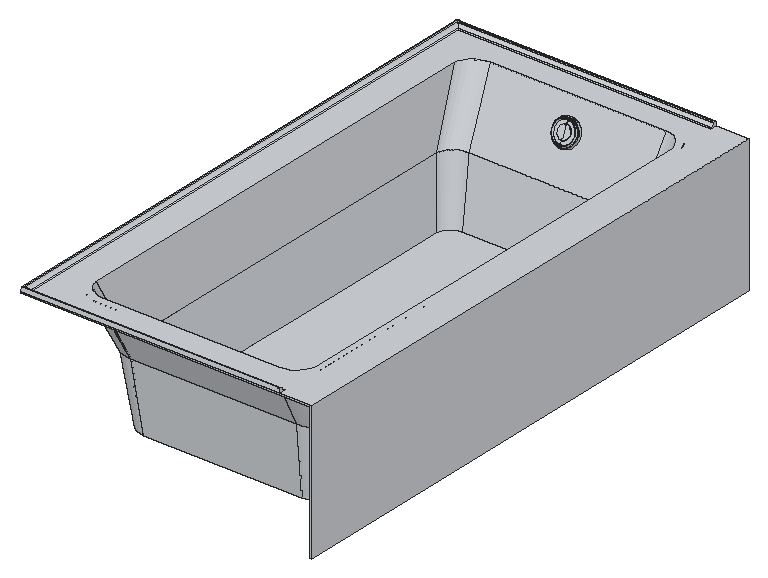
Revit family
Parameters
  Weight (lbs) = "298"  # constant formula
  Waste Connection Radius = Waste Connection Diameter / 2  # 0' - 0 3/4"
  Waste Connection Diameter = 0' - 1 1/2"
  Waste Connection = yes
  Voltage = 0 V
  Vent Connection = no
  URL = "http://www.us.kohler.com/onlinecatalog/detail.jsp?prod_num=876"
  Overall Width = 2' - 8"  # constant formula
  Overall Length = 5' - 0"  # constant formula
  Overall Height = 1' - 3 1/2"  # constant formula
  Model = "K-876"  # constant formula
  Material = Kohler Cast Iron
  Manufacturer = "Kohler"  # constant formula
  Hot Water Connection Radius = Hot Water Connection Diameter / 2  # 0' - 0"
  Hot Water Connection Diameter = 0' - 0"
  HW Connection = no
  Description = "Bellwether(TM) bath with integral apron and right-hand drain"  # constant formula
  Default Elevation = 0' - 0"
  Cold Water Connection Radius = Cold Water Connection Diameter / 2  # 0' - 0"
  Cold Water Connection Diameter = 0' - 0"
  Capacity (gal) = "44"  # constant formula
  CW Connection = no
  ADA Compliant = no
Reference planes (in)
  plane 1 "Center (Front/Back)": y = 0
  plane 2: z = 0
  plane 3 "Center (Left/Right)": x = 0
Forms (in)
  Extrusion 1, solid, not visible
    sketch origin (0.0003, -10.36934, 0) x (0.000402, 1, 0) y (-1, 0.000402, 0)
      loop
        circle (-1.5, 0) r 0.75
    from 0 to 0.0625
Nested families (in)
  nested 1: "LF-876" at (0.00726, 0, 0) x (-0.0001, 1, 0) z (0, 0, 1), type "LF-876"
Connectors (in)
  piping at (-0.0003, -11.86934, 0), driven by "Waste Connection Radius"
    settings: on Extrusion 1, index 2
Definition of nested family "LF-876"
  Reference planes (in)
    plane 1 "Center (Front/Back)": y = 0
    plane 2: z = 0
    plane 3 "Center (Left/Right)": x = 0
  Forms (in)
    Extrusion 1, solid
      sketch origin (0, 0, 0) x (1, 0, 0) y (0, 1, 0)
        loop
          line (-59.83918, 15.98128) -> (-59.83918, -15.97106) -> (-0.00856, -15.97106) -> (-0.00856, 15.98128) -> (-59.83918, 15.98128)
      from 0 to 14.99532
    Blend 2, void
      base sketch origin (0, 0, 0) x (1, 0, 0) y (0, 1, 0)
        loop
          line (-10.14435, 10.2095) -> (-49.89435, 10.2095)
          arc (-49.89435, 10.2095) -> (-51.08522, 9.78779) -> (-51.58897, 8.62924) r 1.58412
          line (-51.58897, 8.62924) -> (-51.58898, -8.62924)
          arc (-51.58898, -8.62924) -> (-51.08526, -9.78776) -> (-49.89446, -10.20951) r 1.58412
          line (-49.89446, -10.20951) -> (-10.14435, -10.20951)
          arc (-10.14435, -10.20951) -> (-8.99184, -9.73212) -> (-8.51446, -8.57962) r 1.62989
          line (-8.51446, -8.57962) -> (-8.51446, 8.57961)
          arc (-8.51446, 8.57961) -> (-8.99184, 9.73212) -> (-10.14435, 10.2095) r 1.62989
      top sketch origin (0, 0, 0) x (1, 0, 0) y (0, 1, 0)
        loop
          arc (-50.90648, 11.18954) -> (-52.23704, 10.51159) -> (-52.77221, 9.11744) r 2.08352
          line (-52.77221, 9.11744) -> (-52.77221, -9.11744)
          arc (-52.77221, -9.11744) -> (-52.23705, -10.51158) -> (-50.90648, -11.18954) r 2.08352
          line (-50.90648, -11.18954) -> (-8.90648, -11.18954)
          arc (-8.90648, -11.18954) -> (-7.59123, -10.47543) -> (-7.06711, -9.0736) r 2.13673
          line (-7.06711, -9.0736) -> (-7.06711, 9.07631)
          arc (-7.06711, 9.07631) -> (-7.59212, 10.47645) -> (-8.90648, 11.18954) r 2.13673
          line (-8.90648, 11.18954) -> (-50.90648, 11.18954)
      from 0.93907 to 7.90897
    Blend 3, void
      base sketch origin (0, 0, 0) x (1, 0, 0) y (0, 1, 0)
        loop
          line (-52.77221, 9.11744) -> (-52.77221, -9.11744)
          arc (-52.77221, -9.11744) -> (-52.23705, -10.51158) -> (-50.90648, -11.18954) r 2.08352
          line (-50.90648, -11.18954) -> (-8.90648, -11.18954)
          arc (-8.90648, -11.18954) -> (-7.59123, -10.47543) -> (-7.06711, -9.0736) r 2.13673
          line (-7.06711, -9.0736) -> (-7.06711, 9.07631)
          arc (-7.06711, 9.07631) -> (-7.59212, 10.47645) -> (-8.90648, 11.18954) r 2.13673
          line (-8.90648, 11.18954) -> (-50.90648, 11.18954)
          arc (-50.90648, 11.18954) -> (-52.23704, 10.51159) -> (-52.77221, 9.11744) r 2.08352
      top sketch origin (0, 0, 0) x (1, 0, 0) y (0, 1, 0)
        loop
          line (-56.60834, 9.66656) -> (-56.60834, -9.66602)
          arc (-56.60834, -9.66602) -> (-56.06486, -11.20076) -> (-54.67665, -12.05146) r 2.43873
          line (-54.67665, -12.05146) -> (-5.17665, -12.05146)
          arc (-5.17665, -12.05146) -> (-3.7386, -11.22473) -> (-3.12005, -9.68561) r 2.53393
          line (-3.12005, -9.68561) -> (-3.12005, 9.68564)
          arc (-3.12005, 9.68564) -> (-3.73861, 11.22473) -> (-5.17665, 12.05145) r 2.53393
          line (-5.17665, 12.05145) -> (-54.67665, 12.05146)
          arc (-54.67665, 12.05146) -> (-56.06486, 11.20077) -> (-56.60834, 9.66656) r 2.43873
      from 7.90897 to 15.49361
    Blend 4, void
      base sketch origin (0, 0, 0) x (1, 0, 0) y (0, 1, 0)
        loop
          arc (-52.08898, 8.62924) -> (-51.43303, 10.14709) -> (-49.87809, 10.7095) r 2.08412
          line (-49.87809, 10.7095) -> (-10.14435, 10.7095)
          arc (-10.14435, 10.7095) -> (-8.63829, 10.08567) -> (-8.01446, 8.57961) r 2.12989
          line (-8.01446, 8.57961) -> (-8.01446, 0) -> (0.48554, 0) -> (0.48554, 16.7095) -> (-60.08898, 16.7095) -> (-60.08898, 0) -> (-52.08898, 0) -> (-52.08898, 8.62924)
      top sketch origin (0, 0, 0) x (1, 0, 0) y (0, 1, 0)
        loop
          line (-60.08898, 0) -> (-53.27221, 0) -> (-53.27221, 9.11744)
          arc (-53.27221, 9.11744) -> (-52.59935, 10.85638) -> (-50.93127, 11.68954) r 2.58352
          line (-50.93127, 11.68954) -> (-8.87336, 11.68954)
          arc (-8.87336, 11.68954) -> (-7.22699, 10.81843) -> (-6.56711, 9.07661) r 2.63673
          line (-6.56711, 9.07661) -> (-6.56711, 0) -> (0.48554, 0) -> (0.48554, 16.7095) -> (-60.08898, 16.7095) -> (-60.08898, 0)
      from 0 to 7.90897
    Blend 5, void
      base sketch origin (0, 0, 0) x (1, 0, 0) y (0, 1, 0)
        loop
          line (-52.08898, -8.62924) -> (-52.08898, 0) -> (-60.08898, 0) -> (-60.08898, -15.75) -> (0.48554, -15.75) -> (0.48554, 0) -> (-8.01446, 0) -> (-8.01446, -8.57961)
          arc (-8.01446, -8.57961) -> (-8.63829, -10.08567) -> (-10.14435, -10.7095) r 2.12989
          line (-10.14435, -10.7095) -> (-49.87809, -10.7095)
          arc (-49.87809, -10.7095) -> (-51.43303, -10.14709) -> (-52.08898, -8.62924) r 2.08412
      top sketch origin (0, 0, 0) x (1, 0, 0) y (0, 1, 0)
        loop
          line (-60.08898, 0) -> (-60.08898, -15.75) -> (0.48554, -15.75) -> (0.48554, 0) -> (-6.56711, 0) -> (-6.56711, -9.07661)
          arc (-6.56711, -9.07661) -> (-7.22699, -10.81843) -> (-8.87336, -11.68954) r 2.63673
          line (-8.87336, -11.68954) -> (-50.93127, -11.68954)
          arc (-50.93127, -11.68954) -> (-52.59935, -10.85638) -> (-53.27221, -9.11744) r 2.58352
          line (-53.27221, -9.11744) -> (-53.27221, 0) -> (-60.08898, 0)
      from 0 to 7.90897
    Blend 6, void
      base sketch origin (0, 0, 0) x (1, 0, 0) y (0, 1, 0)
        loop
          arc (-53.27221, 9.11744) -> (-52.59935, 10.85638) -> (-50.93127, 11.68954) r 2.58352
          line (-50.93127, 11.68954) -> (-8.87336, 11.68954)
          arc (-8.87336, 11.68954) -> (-7.22699, 10.81843) -> (-6.56711, 9.07661) r 2.63673
          line (-6.56711, 9.07661) -> (-6.56711, 0) -> (1.97779, 0) -> (1.97779, 17) -> (-61.02221, 17) -> (-61.02221, 0) -> (-53.27221, 0) -> (-53.27221, 9.11744)
      top sketch origin (0, 0, 0) x (1, 0, 0) y (0, 1, 0)
        loop
          line (-61.02221, 0) -> (-57.10834, 0) -> (-57.10834, 9.66602)
          arc (-57.10834, 9.66602) -> (-56.43603, 11.53671) -> (-54.72673, 12.55146) r 2.93873
          line (-54.72673, 12.55146) -> (-5.13157, 12.55145)
          arc (-5.13157, 12.55145) -> (-3.3733, 11.56654) -> (-2.62005, 9.69726) r 3.03393
          line (-2.62005, 9.69726) -> (-2.62005, 0) -> (1.97779, 0) -> (1.97779, 17) -> (-61.02221, 17) -> (-61.02221, 0)
      from 7.90897 to 14.87171
    Blend 7, void
      base sketch origin (0, 0, 0) x (1, 0, 0) y (0, 1, 0)
        loop
          line (-53.27221, -9.11744) -> (-53.27221, 0) -> (-61.02221, 0) -> (-61.02221, -15.75) -> (1.97779, -15.75) -> (1.97779, 0) -> (-6.56711, 0) -> (-6.56711, -9.07661)
          arc (-6.56711, -9.07661) -> (-7.22699, -10.81843) -> (-8.87336, -11.68954) r 2.63673
          line (-8.87336, -11.68954) -> (-50.93127, -11.68954)
          arc (-50.93127, -11.68954) -> (-52.59935, -10.85638) -> (-53.27221, -9.11744) r 2.58352
      top sketch origin (0, 0, 0) x (1, 0, 0) y (0, 1, 0)
        loop
          line (-61.02221, 0) -> (-61.02221, -15.75) -> (1.97779, -15.75) -> (1.97779, 0) -> (-2.62005, 0) -> (-2.62005, -9.69726)
          arc (-2.62005, -9.69726) -> (-3.3733, -11.56654) -> (-5.13157, -12.55145) r 3.03393
          line (-5.13157, -12.55145) -> (-54.72673, -12.55146)
          arc (-54.72673, -12.55146) -> (-56.43603, -11.53671) -> (-57.10834, -9.66602) r 2.93873
          line (-57.10834, -9.66602) -> (-57.10834, 0) -> (-61.02221, 0)
      from 7.90897 to 14.87171
    Extrusion 8, void
      sketch origin (0, 0, 0) x (1, 0, 0) y (0, 1, 0)
        loop
          circle (-11.78947, 0.00167) r 2.25917
      from 0 to 6
    Revolve 9, solid
      sketch origin (-120, 0, 0) x (1, 0, 0) y (0, 0, 1)
        loop
          line (105.92643, 0.93976) -> (105.92643, 0.81443)
          arc (105.92643, 0.81443) -> (106.32891, 0.73137) -> (106.6972, 0.54903) r 1.60851
          arc (106.6972, 0.54903) -> (106.85378, 0.41575) -> (106.97507, 0.24971) r 0.87795
          line (106.97507, 0.24971) -> (108.21045, 0.24971) -> (108.21045, 0.93907)
          arc (108.21045, 0.93907) -> (107.51044, 0.85478) -> (106.83485, 0.65305) r 4.14449
          line (106.83485, 0.65305) -> (106.76652, 0.65305)
          arc (106.76652, 0.65305) -> (106.36514, 0.85109) -> (105.92643, 0.93976) r 1.73351
        axis (108.21045, 0.24971) -> (108.21045, 0.93976)
      angle from 0 to 360
    Revolve 10, solid
      sketch origin (-120, 0, 0) x (1, 0, 0) y (0, 0, 1)
        loop
          line (115.83419, 13.3368) -> (115.5086, 13.48863)
          arc (115.5086, 13.48863) -> (115.47168, 13.48701) -> (115.43642, 13.4759) r 0.14184
          arc (115.43642, 13.4759) -> (115.38355, 13.45719) -> (115.3281, 13.44889) r 0.29324
          arc (115.3281, 13.44889) -> (115.26524, 13.45233) -> (115.20456, 13.46912) r 0.29324
          line (115.20456, 13.46912) -> (115.17115, 13.40354) -> (115.24677, 13.31015) -> (115.04462, 12.9134) -> (115.01088, 12.9306) -> (114.69251, 12.30577) -> (115.18182, 12.05645) -> (115.83419, 13.3368)
        axis (114.62844, 12.33841) -> (115.18182, 12.05645)
      angle from 0 to 360
    Sweep 11, solid
      path origin (0, 0, 0) x (1, 0, 0) y (0, 1, 0)
        loop
          line (-0.00856, -12.43318) -> (-0.00856, 15.98128) -> (-59.83918, 15.98128) -> (-59.83918, -12.43318)
      profile origin (-59.83918, 1.77405, 0) x (1, 0, 0) y (0, 0, 1)
        loop
          line (0, 14.99532) -> (0.67767, 14.99532)
          arc (0.67767, 14.99532) -> (0.59474, 15.02361) -> (0.51919, 15.068) r 0.43356
          arc (0.51919, 15.068) -> (0.36445, 15.21805) -> (0.25629, 15.40449) r 0.78586
          arc (0.25629, 15.40449) -> (0.23676, 15.4437) -> (0.20659, 15.47547) r 0.14796
          arc (0.20659, 15.47547) -> (0.13873, 15.49237) -> (0.08075, 15.45328) r 0.08601
          line (0.08075, 15.45328) -> (0, 14.99532)
  Cuts and joins
    Blend 2, Blend 3, Blend 4, Blend 5, Blend 6, Blend 7, Extrusion 8 cuts Extrusion 1
